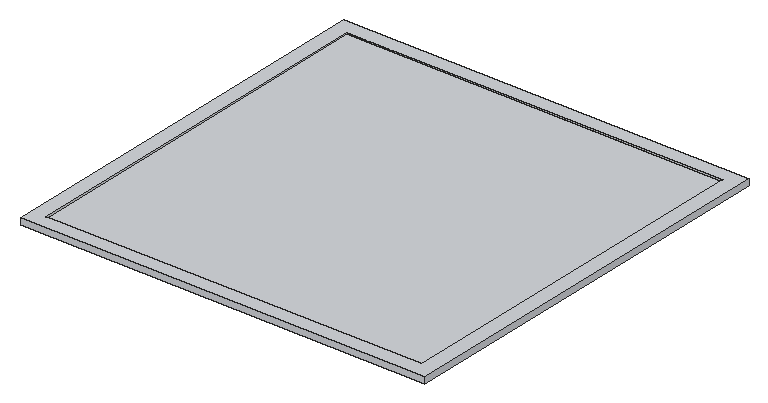
Revit family "595x595_START Panel Backlit UGR19 - Copy (3)", category Lighting Fixtures, host Face, Revit 2017
Family settings
  Host = Face
  Round Connector Dimension = Use Diameter
  Part Type = Normal
  OmniClass Number = 23.80.70.00
  OmniClass Title = Lighting
  Cut with Voids When Loaded = No
  Light Source = Yes
  Shared = No
  Room Calculation Point = No
Parameters (values of type "0042188")
  Weight = "119.34 kg"
  Wattage Comments = ""
  Wattage = 36 W
  WarrantyStartDate [instance] = "n/a"
  WarrantyGuarantorParts = "n/a"
  WarrantyDurationUnit = "n/a"
  WarrantyDurationParts = "n/a"
  WarrantyDescription = "n/a"
  WIDTH_SYL = 297.5 mm
  built-in parameter 1150110 = 1 (stored number, unit not read)
  Voltage = 0 V
  URL = "http://www.sylvania-lighting.com"
  TypeName = "0042188 ST PANEL UGR19 600X600 4000LM 865 LILO"
  Type Image = <None>
  Type Comments = "n/a"
  built-in parameter 1114217 = 1 (stored number, unit not read)
  Tilt Angle = -90.00°
  built-in parameter 1150109 = 1 (stored number, unit not read)
  built-in parameter 1150134 = 1
  TOPWIDTH_SYL = 245 mm
  built-in parameter 1150113 = 1 (stored number, unit not read)
  SerialNumber [instance] = "n/a"
  Photometric Web File = "0042188.ies"
  Material_3_SYL = none
  PowerFactor = 0.9
  PowerConsumption = "36 W"
  NominalLength = 595 mm
  NominalHeight = 35 mm
  NominalDepth = 595 mm
  Name = "START Panel UGR19 600x600 4000Lm 865 LILO"
  ModelReference = Name  # "START Panel UGR19 600x600 4000Lm 865 LILO"
  ModelNumber = "0042188"
  Model = Name  # "START Panel UGR19 600x600 4000Lm 865 LILO"
  Material = "aluminium,steel housing, other diffuser"
  ManufacturerName = "Feilo Sylvania"
  Manufacturer = "Feilo Sylvania"
  MAINHEIGHT_SYL = 63 mm
  LuminousEfficacy = "111 lm/W"
  built-in parameter 1150105 = 317.99 (stored number, unit not read)
  Lumens = 3996 lm
  LuminaireType = ""
  built-in parameter 1150115 = 1 (stored number, unit not read)
  LightOutputRatio = ""
  built-in parameter 1150137 = (empty or 0)
  built-in parameter 1150139 = (empty or 0)
  LampsType = Lamp  # "LED"
  LampNominalLuminous = "4000 lm"
  LampMacAdamStep = "6"
  LampColourTemperature = "6500 K"
  LampColourRenderingIndex = "80"
  built-in parameter 1150112 = 1 (stored number, unit not read)
  built-in parameter 1150114 = 1 (stored number, unit not read)
  Lamp = "LED"
  LUMWIDTH_SYL = 276.5 mm
  LUMDEPTH_SYL = 276.5 mm
  Keynote = "16500"
  InstallationDate [instance] = "n/a"
  InputVoltage = ""
  InputNominalFrequency = ""
  built-in parameter 1150132 = (empty or 0)
  built-in parameter 1150102 = (empty or 0)
  built-in parameter 1150107 = 6500 (stored number, unit not read)
  built-in parameter 1150138 = (empty or 0)
  IngressProtection = "IP40/20"
  ImpactProtectionIndex = "IK03"
  built-in parameter 1150106 = 3.1799 (stored number, unit not read)
  IfcExportType = "IfcLightFixtureType"
  IfcExportAs = "IfcLightFixtureType"
  HEIGHT_SYL = 33 mm
  HEIGHTBOTT_SYL = 7 mm
  Emit from Circle Diameter = 609.6 mm
  Emit Shape Visible in Rendering = no
  ElectricShockClassification = "Class II"
  built-in parameter 1150104 = 10.312 (stored number, unit not read)
  DocumentationLiterature = "http://www.sylvania-lighting.com/product/en-int/products/0042188"
  DimmingControlOptions = "n/a"
  Material_2_SYL = none
  Dimming Lamp Color Temperature Shift = <None>
  Description = ""
  Default Elevation = 1219.2 mm
  DEPTH_SYL = 297.5 mm
  CreatedOn = "7/3/2020"
  CreatedBy = "@sylvania-lighting.com"
  Cost = 0
  Color Filter = 16777215
  built-in parameter 1114216 [instance] = (empty or 0)
  ClassificationValue = "EF_70_80"
  ClassificationName = "Uniclass2015"
  Material_1_SYL = none
  BarCode [instance] = "n/a"
  built-in parameter 1114218 = 1 (stored number, unit not read)
  BOX_WIDTH_SYL = 40 mm
  built-in parameter 1150133 = 10 (stored number, unit not read)
  AssetType = "Fixed"
  AssetIdentifier [instance] = "n/a"
  Assembly Code = "D5020200"
  Apparent Load = 36 VA
  Material_4_SYL = none
  -LUMDEPTH_SYL = LUMDEPTH_SYL * (-1)  # -276.5 mm
Reference planes
  plane 1 "Center (Front/Back)": y = 0
  plane 2: z = 0
  plane 3 "Center (Left/Right)": x = 0
  plane 4: x = -297.5
  plane 5: x = 297.5
  plane 6: y = 297.5
  plane 7: y = -297.5
  plane 8: x = 276.5
  plane 9: x = -276.5
  plane 10: y = 276.5
  plane 11: y = -276.5
  plane 12: z = -33
  plane 13: z = -7
  plane 14: x = -245
  plane 15: x = 245
  plane 16: y = -245
  plane 17: y = 245
  plane 18: y = 276.5
  plane 19: y = -276.5
  plane 20: z = -63
  plane 21: x = -40
  plane 22: x = 40
Forms (mm)
  Extrusion 1, solid
    sketch origin (0, 0, 0) x (1, 0, 0) y (0, 1, 0)
      loop
        line (-297.5, 297.5) -> (-297.5, -297.5) -> (297.5, -297.5) -> (297.5, 297.5) -> (-297.5, 297.5)
    from -7 to 2
  Extrusion 2, void
    sketch origin (0, 0, 0) x (1, 0, 0) y (0, 1, 0)
      loop
        line (-276.5, 276.5) -> (-276.5, -276.5) -> (276.5, -276.5) -> (276.5, 276.5) -> (-276.5, 276.5)
    from 0 to 10
  Extrusion 3, solid
    sketch origin (0, 0, 0) x (1, 0, 0) y (0, 0, 1)
      loop
        line (-276.5, -7) -> (-245, -33) -> (245, -33) -> (276.5, -7) -> (-276.5, -7)
    from -276.5 <- "-LUMDEPTH_SYL" to 276.5 <- "LUMDEPTH_SYL"
  Extrusion 4, void
    sketch origin (319, 1524, 1219.2) x (0, 1, 0) y (0, 0, 1)
      loop
        line (-1279, -1252.2) -> (-1247.5, -1252.2) -> (-1247.5, -1226.2) -> (-1279, -1252.2)
      loop
        line (-1800.5, -1226.2) -> (-1800.5, -1252.2) -> (-1769, -1252.2) -> (-1800.5, -1226.2)
    from -1000 to 1000
  Extrusion 5, solid
    sketch origin (0, 0, 0) x (1, 0, 0) y (0, 0, 1)
      loop
        line (-40, -33) -> (-40, -63) -> (40, -63) -> (40, -33) -> (-40, -33)
    from -40 to 40
Cuts and joins
  Extrusion 2 cuts Extrusion 1
  Extrusion 4 cuts Extrusion 3
Dimensions and locks
  "WIDTH_SYL": plane 4 to plane 3 "Center (Left/Right)" to plane 5
  "DEPTH_SYL": plane 7 to plane 1 "Center (Front/Back)" to plane 6
  "LUMWIDTH_SYL": plane 9 to plane 3 "Center (Left/Right)" to plane 8
  "LUMDEPTH_SYL": plane 11 to plane 1 "Center (Front/Back)" to plane 10
  "HEIGHT_SYL": host face to plane 12
  "HEIGHTBOTT_SYL": host face to plane 13
  "TOPWIDTH_SYL": plane 14 to imposter light to plane 15
  "TOPWIDTH_SYL": plane 17 to imposter light to plane 16
  "LUMWIDTH_SYL": plane 18 to imposter light to plane 19
  "MAINHEIGHT_SYL": host face to plane 20
  "BOX_WIDTH_SYL": plane 21 to imposter light to plane 22
  Extrusion 5 sketch curve to Extrusion 5 sketch curve to plane 13 = 30 mm, 26 mm
  aligned and locked: plane 2 to host face
  aligned and locked: level to host face
  aligned and locked: plane 6 to Extrusion 1 sketch curve
  aligned and locked: plane 4 to Extrusion 1 sketch curve
  aligned and locked: Extrusion 1 sketch curve to plane 7
  aligned and locked: Extrusion 1 sketch curve to plane 5
  aligned and locked: plane 10 to Extrusion 2 sketch curve
  aligned and locked: Extrusion 2 sketch curve to plane 9
  aligned and locked: Extrusion 2 sketch curve to plane 11
  aligned and locked: plane 8 to Extrusion 2 sketch curve
  aligned and locked: Extrusion 5 sketch curve to plane 21
  aligned and locked: plane 22 to Extrusion 5 sketch curve
Automatic sketch dimensions
  host sketch curve to host sketch curve = 2438.4 mm  (x2)
  plane 9 to Extrusion 3 sketch curve = 0 mm
  Extrusion 3 sketch curve to plane 12 = 0 mm
  plane 14 to Extrusion 3 sketch curve = 0 mm
  plane 15 to Extrusion 3 sketch curve = 0 mm
  plane 8 to Extrusion 3 sketch curve = 0 mm
  Extrusion 3 sketch curve to plane 13 = 0 mm
  Extrusion 4 sketch curve to plane 11 = 0 mm
  plane 12 to Extrusion 4 sketch curve = 0 mm  (x2)
  Extrusion 4 sketch curve to plane 16 = 0 mm
  Extrusion 4 sketch curve to plane 17 = 0 mm
  Extrusion 4 sketch curve to plane 10 = 0 mm
  plane 13 to Extrusion 4 sketch curve = 0 mm  (x2)
